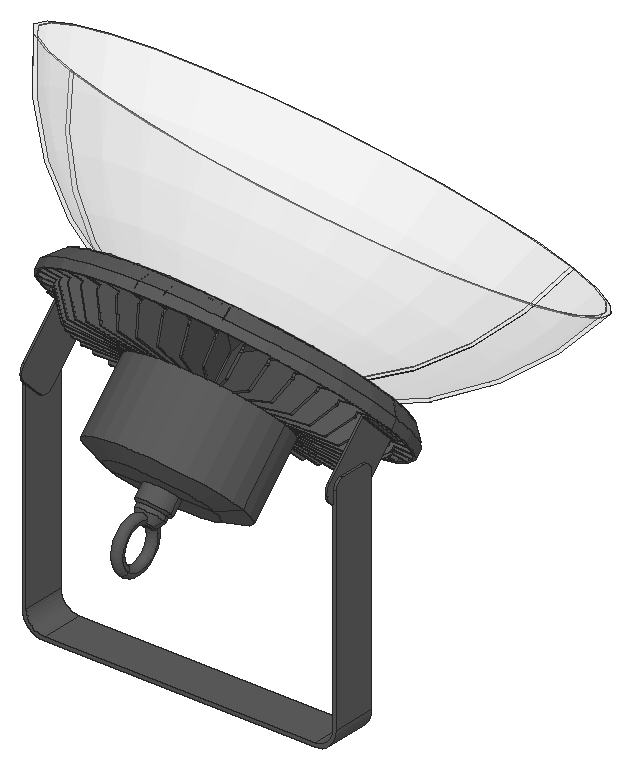
Revit family "0039347+0039353+0039358 Feilo Sylvania Lighting Fixture START HIGHBAY 4K 13KLM WIDE with BRACKET and PC LAMPSHADE TRANSPARENT", category Lighting Fixtures, host Face, Revit 2017 (continued)
Definition of nested family "Start LED Highbay Head"
  Dimensions and locks
    "RHRadius2_FEILO": plane 3 "Center (Left/Right)" to plane 32
    "RHHeight3_FEILO": plane 31 to plane 33
    "RHHeight4_FEILO": plane 33 to plane 34
    "RHRadius3_FEILO": plane 3 "Center (Left/Right)" to plane 35
    "RHHeight1_FEILO": plane 28 to plane 30
    "EyeInner_FEILO": plane 34 to plane 36
    "EyeInner_FEILO": plane 36 to plane 37
    equal spacing: plane 38, plane 3 "Center (Left/Right)", plane 39
    "EyeThickness_FEILO": plane 38 to plane 39
    "EyeThickness_FEILO": plane 37 to plane 40
    equal spacing: plane 37, plane 41, plane 40
    equal spacing: plane 6, plane 42, plane 18
    "ThicknessBracket_FEILO": plane 45 to plane 6
    "ThicknessBracket_FEILO": plane 8 to plane 44
    locked: plane 43 to plane 18 at 1
    equal spacing: plane 24, plane 46, plane 26
    equal spacing: plane 47, plane 1 "Center (Front/Back)", plane 48
    "WidthBracket_FEILO": plane 47 to plane 48
    "WidthRingChamfer_FEILO": plane 50 to plane 49
    "ThicknessWall_FEILO": plane 51 to plane 49
    equal spacing: plane 50, plane 52, plane 51
    "ThicknessBracket_FEILO": plane 54 to plane 50
    locked: plane 53 to plane 51 at 1
    "Radius_FEILO": plane 49 to plane 3 "Center (Left/Right)"
    "ShadeRadiusOut_FEILO": plane 3 "Center (Left/Right)" to plane 55
    "ShadeHeight_FEILO": plane 56 to plane 4
    "ShadeRadiusIn_FEILO": plane 3 "Center (Left/Right)" to plane 57
    locked: plane 58 to plane 57 at 8
    "ShadeThickness_FEILO": plane 60 to plane 4
    "ShadeThickness_FEILO": plane 59 to plane 55
    "EyeThicknessHalf_FEILO": radius of curve 8
    "ThicknessBracket_FEILO": radius of Extrusion 7 sketch curve  (x2)
    "ThicknessBracketHalf_FEILO": radius of Extrusion 7 sketch curve  (x2)
    "ShadeRadiusBend_FEILO": radius of curve 9
    aligned and locked: plane 2 to Extrusion 1
    aligned and locked: level to Extrusion 1
    aligned and locked: plane 5 to curve 1
    aligned and locked: plane 6 to curve 1
    aligned and locked: plane 7 to curve 1
    aligned and locked: plane 10 to curve 2
    aligned and locked: plane 9 to curve 3
    aligned and locked: plane 4 to curve 3
    aligned and locked: plane 11 to curve 3
    aligned and locked: plane 4 to curve 4
    aligned and locked: plane 18 to curve 5
    aligned and locked: plane 10 to curve 5
    aligned and locked: Revolve 2 sketch curve to plane 3 "Center (Left/Right)"
    aligned and locked: Revolve 2 sketch curve to curve 3
    aligned and locked: Revolve 2 sketch curve to curve 1
    aligned and locked: plane 4 to Revolve 2 sketch curve
    aligned and locked: plane 9 to Revolve 2 sketch curve
    aligned and locked: Revolve 2 sketch curve to plane 13
    aligned and locked: Revolve 2 sketch curve to plane 10
    aligned and locked: plane 13 to Revolve 2 sketch curve
    aligned and locked: plane 10 to Revolve 2 sketch curve
    aligned and locked: Revolve 2 sketch curve to plane 18
    aligned and locked: Revolve 2 sketch curve to plane 8
    aligned and locked: plane 5 to Revolve 2 sketch curve  (x2)
    aligned and locked: Revolve 3 sketch curve to plane 3 "Center (Left/Right)"
    aligned and locked: plane 11 to Revolve 3 sketch curve
    aligned and locked: Revolve 3 sketch curve to curve 2
    aligned and locked: plane 15 to Revolve 3 sketch curve
    aligned and locked: Revolve 3 sketch curve to plane 16
    aligned and locked: plane 17 to Revolve 3 sketch curve  (x2)
    aligned and locked: Revolve 3 sketch curve to plane 12
    aligned and locked: plane 7 to Revolve 3 sketch curve
    aligned and locked: Revolve 4 sketch curve to plane 3 "Center (Left/Right)"
    aligned and locked: Revolve 4 sketch curve to plane 14
    aligned and locked: plane 3 "Center (Left/Right)" to Revolve 4 sketch curve
    aligned and locked: Revolve 4 sketch curve to plane 12
    aligned and locked: plane 15 to Revolve 4 sketch curve
    aligned and locked: Revolve 2 sketch curve to curve 5
    aligned and locked: plane 22 to curve 6
    aligned and locked: plane 21 to curve 6
    aligned and locked: plane 20 to curve 6
    aligned and locked: plane 19 to curve 6
    aligned and locked: plane 33 to curve 7
    aligned and locked: plane 32 to curve 7
    aligned and locked: plane 35 to curve 7
    aligned and locked: plane 34 to curve 7
    aligned and locked: Revolve 5 sketch curve to plane 3 "Center (Left/Right)"
    aligned and locked: Revolve 5 sketch curve to plane 25
    aligned and locked: plane 27 to Revolve 5 sketch curve
    aligned and locked: plane 28 to Revolve 5 sketch curve
    aligned and locked: plane 30 to Revolve 5 sketch curve
    aligned and locked: Revolve 5 sketch curve to plane 29
    aligned and locked: plane 31 to Revolve 5 sketch curve
    aligned and locked: Revolve 5 sketch curve to curve 7
    aligned and locked: Revolve 5 sketch curve to plane 32
    aligned and locked: plane 34 to Revolve 5 sketch curve
    aligned and locked: plane 3 "Center (Left/Right)" to Revolve 5 sketch curve
    aligned and locked: plane 3 "Center (Left/Right)" to curve 8
    aligned and locked: plane 41 to curve 8
    aligned and locked: Revolve 6 sketch curve to plane 36
    aligned and locked: Revolve 6 sketch curve to curve 8
    aligned and locked: plane 43 to Extrusion 7 sketch curve  (x2)
    aligned and locked: plane 8 to Extrusion 7 sketch curve  (x3)
    aligned and locked: Extrusion 7 sketch curve to plane 45
    aligned and locked: Extrusion 7 sketch curve to plane 46  (x2)
    aligned and locked: plane 6 to Extrusion 7 sketch curve
    aligned and locked: Extrusion 7 sketch curve to plane 44  (x2)
    aligned and locked: Extrusion 7 to plane 48
    aligned and locked: plane 47 to Extrusion 7
    aligned and locked: plane 53 to Extrusion 7 sketch curve
    aligned and locked: plane 50 to Extrusion 7 sketch curve
    aligned and locked: Extrusion 7 sketch curve to plane 54
    aligned and locked: Extrusion 8 sketch curve to Extrusion 8 sketch curve
    aligned and locked: Extrusion 8 to plane 6
    aligned and locked: Extrusion 8 to Extrusion 7
    aligned and locked: Revolve 5 sketch curve to plane 22
    aligned and locked: plane 23 to nested 1
    aligned and locked: plane 1 "Center (Front/Back)" to nested 1
    aligned and locked: Revolve 9 sketch curve to plane 3 "Center (Left/Right)"
    aligned and locked: Revolve 9 sketch curve to plane 4
    aligned and locked: plane 6 to Revolve 9 sketch curve
    aligned and locked: plane 4 to Revolve 9 sketch curve
    aligned and locked: plane 7 to Revolve 9 sketch curve
    aligned and locked: Revolve 9 sketch curve to plane 5
    aligned and locked: plane 8 to Revolve 9 sketch curve  (x2)
    aligned and locked: Revolve 9 sketch curve to plane 19
    aligned and locked: plane 20 to Revolve 9 sketch curve
    aligned and locked: plane 19 to Revolve 9 sketch curve
    aligned and locked: plane 21 to Revolve 9 sketch curve
    aligned and locked: plane 22 to Revolve 9 sketch curve  (x2)
    aligned and locked: Revolve 9 sketch curve to Revolve 9 sketch curve
    aligned and locked: imposter light to plane 4
    aligned and locked: plane 3 "Center (Left/Right)" to imposter light
    aligned and locked: imposter light to plane 1 "Center (Front/Back)"
    aligned and locked: plane 55 to curve 9
    aligned and locked: plane 56 to curve 9
    aligned and locked: plane 57 to curve 9
    aligned and locked: plane 4 to curve 9
    aligned and locked: Revolve 10 sketch curve to curve 9
    aligned and locked: plane 58 to Revolve 10 sketch curve
    aligned and locked: plane 57 to Revolve 10 sketch curve
    aligned and locked: plane 56 to Revolve 10 sketch curve  (x2)
    aligned and locked: Revolve 10 sketch curve to plane 58
    aligned and locked: plane 60 to Revolve 10 sketch curve
  Automatic sketch dimensions
    Extrusion 1 sketch curve to Extrusion 1 sketch curve = 2438.4 mm  (x2)
    Revolve 2 sketch curve to plane 6 = 0.299 mm
    plane 6 to Revolve 2 sketch curve = 0.459 mm
    Revolve 2 sketch curve to level = 609.6 mm
    Revolve 2 sketch curve to Revolve 2 sketch curve = 2312.223 mm
    Revolve 3 sketch curve to plane 12 = 0 mm
    Revolve 3 sketch curve to plane 3 "Center (Left/Right)" = 0 mm
    Revolve 3 sketch curve to level = 609.6 mm
    Revolve 3 sketch curve to plane 4 = 2339.058 mm
    Revolve 4 sketch curve to level = 609.6 mm
    Revolve 4 sketch curve to plane 4 = 2339.058 mm
    Revolve 6 sketch curve to plane 5 = 1080 mm
    plane 38 to Revolve 6 sketch curve = 1219.2 mm
    Extrusion 8 sketch curve to plane 47 = 0 mm
    plane 46 to Extrusion 8 sketch curve = 0 mm  (x2)
    Extrusion 8 sketch curve to plane 48 = 0 mm
    plane 47 to Extrusion 8 sketch curve = 5 mm
    plane 1 "Center (Front/Back)" to Extrusion 8 sketch curve = 10 mm
    Extrusion 8 sketch curve to Extrusion 8 sketch curve = 10 mm
    plane 46 to Extrusion 8 sketch curve = 5 mm
    Extrusion 8 sketch curve to Extrusion 8 sketch curve = 5 mm
    Extrusion 8 sketch curve to plane 48 = 5 mm
    Revolve 5 sketch curve to plane 26 = 0 mm
    Revolve 5 sketch curve to plane 35 = 0.437 mm
    plane 35 to Revolve 5 sketch curve = 0.847 mm
    Revolve 5 sketch curve to plane 34 = 0.726 mm
    plane 40 to Revolve 5 sketch curve = 590.2 mm
    Revolve 5 sketch curve to plane 4 = 2339.058 mm
    Revolve 9 sketch curve to level = 609.6 mm
    Revolve 9 sketch curve to Revolve 9 sketch curve = 2386.058 mm
    curve 2 to plane 3 "Center (Left/Right)" = 0 mm
    Revolve 10 sketch curve to Revolve 10 sketch curve = 0 mm  (x2)
    Revolve 10 sketch curve to plane 3 "Center (Left/Right)" = 0 mm
    plane 57 to Revolve 10 sketch curve = 0.659 mm
    Revolve 10 sketch curve to level = 609.6 mm
    Revolve 10 sketch curve to Revolve 10 sketch curve = 2068.248 mm
  Nested families
    nested 1: "Start Highbay Rib" at (0, 0, 67.775), type "Type Name", detail levels medium+fine
      with SuspensionHeight_FEILO 2.6 mm
    nested 2: "Start Highbay Rib" at (0, 0, 67.775) x (0.9877, 0.1564, 0) z (0, 0, 1), type "Type Name", detail levels medium+fine
      with SuspensionHeight_FEILO 2.6 mm
    nested 3: "Start Highbay Rib" at (0, 0, 67.775) x (0.9511, 0.309, 0) z (0, 0, 1), type "Type Name", detail levels medium+fine
      with SuspensionHeight_FEILO 2.6 mm
    nested 4: "Start Highbay Rib" at (0, 0, 67.775) x (0.891, 0.454, 0) z (0, 0, 1), type "Type Name", detail levels medium+fine
      with SuspensionHeight_FEILO 2.6 mm
    nested 5: "Start Highbay Rib" at (0, 0, 67.775) x (0.809, 0.5878, 0) z (0, 0, 1), type "Type Name", detail levels medium+fine
      with SuspensionHeight_FEILO 2.6 mm
    nested 6: "Start Highbay Rib" at (0, 0, 67.775) x (0.7071, 0.7071, 0) z (0, 0, 1), type "Type Name", detail levels medium+fine
      with SuspensionHeight_FEILO 2.6 mm
    nested 7: "Start Highbay Rib" at (0, 0, 67.775) x (0.5878, 0.809, 0) z (0, 0, 1), type "Type Name", detail levels medium+fine
      with SuspensionHeight_FEILO 2.6 mm
    nested 8: "Start Highbay Rib" at (0, 0, 67.775) x (0.454, 0.891, 0) z (0, 0, 1), type "Type Name", detail levels medium+fine
      with SuspensionHeight_FEILO 2.6 mm
    nested 9: "Start Highbay Rib" at (0, 0, 67.775) x (0.309, 0.9511, 0) z (0, 0, 1), type "Type Name", detail levels medium+fine
      with SuspensionHeight_FEILO 2.6 mm
    nested 10: "Start Highbay Rib" at (0, 0, 67.775) x (0.1564, 0.9877, 0) z (0, 0, 1), type "Type Name", detail levels medium+fine
      with SuspensionHeight_FEILO 2.6 mm
    nested 11: "Start Highbay Rib" at (0, 0, 67.775) x (0, 1, 0) z (0, 0, 1), type "Type Name", detail levels medium+fine
      with SuspensionHeight_FEILO 2.6 mm
    nested 12: "Start Highbay Rib" at (0, 0, 67.775) x (-0.1564, 0.9877, 0) z (0, 0, 1), type "Type Name", detail levels medium+fine
      with SuspensionHeight_FEILO 2.6 mm
    nested 13: "Start Highbay Rib" at (0, 0, 67.775) x (-0.309, 0.9511, 0) z (0, 0, 1), type "Type Name", detail levels medium+fine
      with SuspensionHeight_FEILO 2.6 mm
    nested 14: "Start Highbay Rib" at (0, 0, 67.775) x (-0.454, 0.891, 0) z (0, 0, 1), type "Type Name", detail levels medium+fine
      with SuspensionHeight_FEILO 2.6 mm
    nested 15: "Start Highbay Rib" at (0, 0, 67.775) x (-0.5878, 0.809, 0) z (0, 0, 1), type "Type Name", detail levels medium+fine
      with SuspensionHeight_FEILO 2.6 mm
    nested 16: "Start Highbay Rib" at (0, 0, 67.775) x (-0.7071, 0.7071, 0) z (0, 0, 1), type "Type Name", detail levels medium+fine
      with SuspensionHeight_FEILO 2.6 mm
    nested 17: "Start Highbay Rib" at (0, 0, 67.775) x (-0.809, 0.5878, 0) z (0, 0, 1), type "Type Name", detail levels medium+fine
      with SuspensionHeight_FEILO 2.6 mm
    nested 18: "Start Highbay Rib" at (0, 0, 67.775) x (-0.891, 0.454, 0) z (0, 0, 1), type "Type Name", detail levels medium+fine
      with SuspensionHeight_FEILO 2.6 mm
    nested 19: "Start Highbay Rib" at (0, 0, 67.775) x (-0.9511, 0.309, 0) z (0, 0, 1), type "Type Name", detail levels medium+fine
      with SuspensionHeight_FEILO 2.6 mm
    nested 20: "Start Highbay Rib" at (0, 0, 67.775) x (-0.9877, 0.1564, 0) z (0, 0, 1), type "Type Name", detail levels medium+fine
      with SuspensionHeight_FEILO 2.6 mm
    nested 21: "Start Highbay Rib" at (0, 0, 67.775) x (-1, 0, 0) z (0, 0, 1), type "Type Name", detail levels medium+fine
      with SuspensionHeight_FEILO 2.6 mm
    nested 22: "Start Highbay Rib" at (0, 0, 67.775) x (-0.9877, -0.1564, 0) z (0, 0, 1), type "Type Name", detail levels medium+fine
      with SuspensionHeight_FEILO 2.6 mm
    nested 23: "Start Highbay Rib" at (0, 0, 67.775) x (-0.9511, -0.309, 0) z (0, 0, 1), type "Type Name", detail levels medium+fine
      with SuspensionHeight_FEILO 2.6 mm
    nested 24: "Start Highbay Rib" at (0, 0, 67.775) x (-0.891, -0.454, 0) z (0, 0, 1), type "Type Name", detail levels medium+fine
      with SuspensionHeight_FEILO 2.6 mm
    nested 25: "Start Highbay Rib" at (0, 0, 67.775) x (-0.809, -0.5878, 0) z (0, 0, 1), type "Type Name", detail levels medium+fine
      with SuspensionHeight_FEILO 2.6 mm
    nested 26: "Start Highbay Rib" at (0, 0, 67.775) x (-0.7071, -0.7071, 0) z (0, 0, 1), type "Type Name", detail levels medium+fine
      with SuspensionHeight_FEILO 2.6 mm
    nested 27: "Start Highbay Rib" at (0, 0, 67.775) x (-0.5878, -0.809, 0) z (0, 0, 1), type "Type Name", detail levels medium+fine
      with SuspensionHeight_FEILO 2.6 mm
    nested 28: "Start Highbay Rib" at (0, 0, 67.775) x (-0.454, -0.891, 0) z (0, 0, 1), type "Type Name", detail levels medium+fine
      with SuspensionHeight_FEILO 2.6 mm
    nested 29: "Start Highbay Rib" at (0, 0, 67.775) x (-0.309, -0.9511, 0) z (0, 0, 1), type "Type Name", detail levels medium+fine
      with SuspensionHeight_FEILO 2.6 mm
    nested 30: "Start Highbay Rib" at (0, 0, 67.775) x (-0.1564, -0.9877, 0) z (0, 0, 1), type "Type Name", detail levels medium+fine
      with SuspensionHeight_FEILO 2.6 mm
    nested 31: "Start Highbay Rib" at (0, 0, 67.775) x (0, -1, 0) z (0, 0, 1), type "Type Name", detail levels medium+fine
      with SuspensionHeight_FEILO 2.6 mm
    nested 32: "Start Highbay Rib" at (0, 0, 67.775) x (0.1564, -0.9877, 0) z (0, 0, 1), type "Type Name", detail levels medium+fine
      with SuspensionHeight_FEILO 2.6 mm
    nested 33: "Start Highbay Rib" at (0, 0, 67.775) x (0.309, -0.9511, 0) z (0, 0, 1), type "Type Name", detail levels medium+fine
      with SuspensionHeight_FEILO 2.6 mm
    nested 34: "Start Highbay Rib" at (0, 0, 67.775) x (0.454, -0.891, 0) z (0, 0, 1), type "Type Name", detail levels medium+fine
      with SuspensionHeight_FEILO 2.6 mm
    nested 35: "Start Highbay Rib" at (0, 0, 67.775) x (0.5878, -0.809, 0) z (0, 0, 1), type "Type Name", detail levels medium+fine
      with SuspensionHeight_FEILO 2.6 mm
    nested 36: "Start Highbay Rib" at (0, 0, 67.775) x (0.7071, -0.7071, 0) z (0, 0, 1), type "Type Name", detail levels medium+fine
      with SuspensionHeight_FEILO 2.6 mm
    nested 37: "Start Highbay Rib" at (0, 0, 67.775) x (0.809, -0.5878, 0) z (0, 0, 1), type "Type Name", detail levels medium+fine
      with SuspensionHeight_FEILO 2.6 mm
    nested 38: "Start Highbay Rib" at (0, 0, 67.775) x (0.891, -0.454, 0) z (0, 0, 1), type "Type Name", detail levels medium+fine
      with SuspensionHeight_FEILO 2.6 mm
    nested 39: "Start Highbay Rib" at (0, 0, 67.775) x (0.9511, -0.309, 0) z (0, 0, 1), type "Type Name", detail levels medium+fine
      with SuspensionHeight_FEILO 2.6 mm
    nested 40: "Start Highbay Rib" at (0, 0, 67.775) x (0.9877, -0.1564, 0) z (0, 0, 1), type "Type Name", detail levels medium+fine
      with SuspensionHeight_FEILO 2.6 mm
  Definition of nested family "Start Highbay Rib"
    Parameters (values of type "Type Name")
      WidthStraight_FEILO = if(SizeS_FEILO, 3 mm, if(SizeM_FEILO, 4 mm, 4.7 mm))  # 3 mm
      WidthRingChamfer_FEILO = if(SizeS_FEILO, 10.3 mm, if(SizeM_FEILO, 11.2 mm, 12.9 mm))  # 10.3 mm
      WidthCurved_FEILO = if(SizeS_FEILO, 17.4 mm, if(SizeM_FEILO, 16.4 mm, 26.2 mm))  # 17.4 mm
      WidthCurvedRing_FEILO = if(SizeS_FEILO, 3 mm, if(SizeM_FEILO, 4 mm, 4.7 mm))  # 3 mm
      WidthBracket_FEILO = 40 mm
      URL = "http://www.feilosylvania.com"
      Type Image = (empty or 0)
      Type Comments = "n/a"
      ThicknessWall_FEILO = 1.5 mm
      ThicknessBracket_FEILO = 1.5 mm
      ThicknessBracketHalf_FEILO = ThicknessBracket_FEILO / 2  # 0.75 mm
      SuspensionHeight_FEILO [instance] = 2.6 mm
      SizeS_FEILO = yes
      SizeM_FEILO = no
      Rib4_FEILO = if(SizeS_FEILO, 18.1 mm, if(SizeM_FEILO, 13.6 mm, 14.6 mm))  # 18.1 mm
      Rib3_FEILO = if(SizeS_FEILO, 15.3 mm, if(SizeM_FEILO, 17.6 mm, 20.2 mm))  # 15.3 mm
      Rib2_FEILO = if(SizeS_FEILO, 3.6 mm, if(SizeM_FEILO, 3.9 mm, 4.5 mm))  # 3.6 mm
      Rib1_FEILO = if(SizeS_FEILO, 15.1 mm, if(SizeM_FEILO, 16.5 mm, 19 mm))  # 15.1 mm
      RadiusRib_FEILO = 2 mm
      RadiusDiffuser_FEILO = if(SizeS_FEILO, 95.2 mm, if(SizeM_FEILO, 105.3 mm, 120 mm))  # 95.2 mm
      RHRadius3_FEILO = if(SizeS_FEILO, 6.6 mm, if(SizeM_FEILO, 7.4 mm, 8.6 mm))  # 6.6 mm
      RHRadius2_FEILO = if(SizeS_FEILO, 11 mm, if(SizeM_FEILO, 12 mm, 14 mm))  # 11 mm
      RHRadius1_FEILO = if(SizeS_FEILO, 13.6 mm, if(SizeM_FEILO, 14.9 mm, 17.7 mm))  # 13.6 mm
      RHHeight4_FEILO = if(SizeS_FEILO, 7.3 mm, if(SizeM_FEILO, 8 mm, 9.2 mm))  # 7.3 mm
      RHHeight3_FEILO = if(SizeS_FEILO, 3.6 mm, if(SizeM_FEILO, 3.7 mm, 4.6 mm))  # 3.6 mm
      RHHeight2_FEILO = if(SizeS_FEILO, 2 mm, if(SizeM_FEILO, 2.2 mm, 2.6 mm))  # 2 mm
      RHHeight1_FEILO = if(SizeS_FEILO, 11.8 mm, if(SizeM_FEILO, 15.3 mm, 17.4 mm))  # 11.8 mm
      Material_3_FEILO = none
      Model = ""
      Manufacturer = "Feilo Sylvania"
      Keynote = "16500"
      HeightRing_FEILO = if(SizeS_FEILO, 19.8 mm, if(SizeM_FEILO, 32 mm, 36.8 mm))  # 19.8 mm
      HeightRingChamfer_FEILO = if(SizeS_FEILO, 11.7 mm, if(SizeM_FEILO, 23.2 mm, 26.6 mm))  # 11.7 mm
      EyeThickness_FEILO = if(SizeS_FEILO, 8.4 mm, if(SizeM_FEILO, 9.2 mm, 10.5 mm))  # 8.4 mm
      EyeThicknessHalf_FEILO = EyeThickness_FEILO / 2  # 4.2 mm
      EyeInner_FEILO = if(SizeS_FEILO, 13.8 mm, if(SizeM_FEILO, 15.1 mm, 17.3 mm))  # 13.8 mm
      DriverVerticalStraight_FEILO = if(SizeS_FEILO, 46.5 mm, if(SizeM_FEILO, 49.7 mm, 57 mm))  # 46.5 mm
      DriverVerticalChamfer_FEILO = if(SizeS_FEILO, 7.5 mm, if(SizeM_FEILO, 8.2 mm, 9.5 mm))  # 7.5 mm
      DriverRadius_FEILO = if(SizeS_FEILO, 61.4 mm, if(SizeM_FEILO, 67.2 mm, 76.4 mm))  # 61.4 mm
      DriverRadiusTop_FEILO = if(SizeS_FEILO, 42 mm, if(SizeM_FEILO, 45.3 mm, 52.4 mm))  # 42 mm
      DriverBottom_FEILO = if(SizeS_FEILO, 56 mm, if(SizeM_FEILO, 64.5 mm, 74 mm))  # 56 mm
      Material_2_FEILO = none
      Radius_FEILO = if(SizeS_FEILO, 135 mm, if(SizeM_FEILO, 148 mm, 169.5 mm))  # 135 mm
      Description = ""
      Default Elevation = 1219.2 mm
      Cost = 0
      Material_1_FEILO = none
      Assembly Code = "D5020200"
      Material_4_FEILO = none
    Reference planes
      plane 1 "Center (Front/Back)": y = 0
      plane 2: z = 0
      plane 3 "Center (Left/Right)": x = 0
      plane 4: z = 2.6
      plane 5: x = -135
      plane 6: x = -124.7
      plane 7: z = -9.1
      plane 8: z = -17.2
      plane 9: x = -121.7
      plane 10: z = -0.025
      plane 11: x = -104.3
      plane 12: x = -95.2
      plane 13: x = -118.7
      plane 14: z = 0.975
      plane 15: z = -1.025
      plane 16: x = -92.2
      plane 17: z = -2.025
      plane 18: x = -133.5
      plane 19: x = -119.9
      plane 20: z = -20.8
      plane 21: x = -104.6
      plane 22: z = -38.9
      plane 23: x = -20
      plane 24: z = -53.4
      plane 25: x = -61.4
      plane 26: z = -99.9
      plane 27: x = -42
      plane 28: z = -107.4
      plane 29: x = -13.6
      plane 30: z = -119.2
      plane 31: z = -121.2
      plane 32: x = -11
      plane 33: z = -124.8
      plane 34: z = -132.1
      plane 35: x = -6.6
      plane 36: z = -145.9
      plane 37: z = -159.7
      plane 38: x = 4.2
      plane 39: x = -4.2
      plane 40: z = -168.1
      plane 41: z = -163.9
      plane 42: x = -129.1
      plane 43: x = -132.5
      plane 44: z = -18.7
      plane 45: x = -123.2
      plane 46: z = -76.65
      plane 47: y = -20
      plane 48: y = 20
      plane 49: x = 135
      plane 50: x = 124.7
      plane 51: x = 133.5
      plane 52: x = 129.1
      plane 53: x = 132.5
      plane 54: x = 123.2
      plane 55: y = 0.75
      plane 56: y = -0.75
    Forms (mm)
      Extrusion 1, solid
        sketch origin (4.2, 0, 0) x (1, 0, 0) y (0, 1, 0)
          loop
            line (-1219.2, 1219.2) -> (-1219.2, -1219.2) -> (1219.2, -1219.2) -> (1219.2, 1219.2) -> (-1219.2, 1219.2)
        from 0 to -68.017
      Extrusion 2, solid, material <- "Material_1_FEILO"
        sketch origin (0, 0, 0) x (1, 0, 0) y (0, 0, 1)
          loop
            arc (-104.3, -0.025) -> (-111.555, 0.423) -> (-118.7, 1.76) r 58.981
            line (-118.7, 1.76) -> (-118.7, -0.025) -> (-125.012, -0.025) -> (-133.5, -9.666) -> (-133.5, -17.2) -> (-119.9, -17.2) -> (-119.9, -20.068)
            arc (-119.9, -20.068) -> (-119.778, -20.755) -> (-119.427, -21.359) r 2
            line (-119.427, -21.359) -> (-104.966, -38.467)
            arc (-104.966, -38.467) -> (-104.381, -38.789) -> (-103.723, -38.9) r 2
            line (-103.723, -38.9) -> (-20, -38.9) -> (-20, -9.1) -> (-95.2, -9.1) -> (-95.2, -2.025) -> (-104.3, -2.025) -> (-104.3, -0.025)
        from -0.75 to 0.75
    Lines and regions (mm)
      reference lines
        curve 1: line (-135, 0, -9.1) -> (-124.7, 0, 2.6)
        curve 2: line (-104.3, 0, -0.025) -> (0, 0, -0.025)
        curve 3: arc (-104.3, 0, -0.025) -> (-113.098, 0, 0.635) -> (-121.7, 0, 2.6) r 58.981
        curve 4: line (-124.7, 0, 2.6) -> (-121.7, 0, 2.6)
        curve 5: line (-125.012, 0, -0.025) -> (-133.5, 0, -9.666)
        curve 6: line (-119.9, 0, -20.8) -> (-104.6, 0, -38.9)
    Dimensions and locks
      "Radius_FEILO": plane 3 "Center (Left/Right)" to plane 5
      "WidthRingChamfer_FEILO": plane 6 to plane 5
      "WidthStraight_FEILO": plane 9 to plane 6
      "WidthCurvedRing_FEILO": plane 13 to plane 9
      locked: plane 10 to plane 15 at 1
      locked: plane 14 to plane 10 at 1
      locked: plane 4 to plane 10 at 2.625
      locked: plane 15 to plane 17 at 1
      "ThicknessWall_FEILO": plane 18 to plane 5
      "ThicknessWall_FEILO": curve 5 to curve 1
      "HeightRingChamfer_FEILO": plane 4 to plane 7
      "HeightRing_FEILO": plane 4 to plane 8
      "RadiusDiffuser_FEILO": plane 3 "Center (Left/Right)" to plane 12
      locked: plane 16 to plane 12 at 3
      "WidthCurved_FEILO": plane 11 to plane 9
      "SuspensionHeight_FEILO": plane 4 to plane 2
      "Rib1_FEILO": plane 19 to plane 5
      "Rib2_FEILO": plane 8 to plane 20
      "Rib3_FEILO": plane 21 to plane 19
      "Rib4_FEILO": plane 20 to plane 22
      locked: plane 3 "Center (Left/Right)" to plane 23 at 20
      "DriverBottom_FEILO": plane 4 to plane 24
      "DriverRadius_FEILO": plane 3 "Center (Left/Right)" to plane 25
      "DriverVerticalStraight_FEILO": plane 24 to plane 26
      "DriverRadiusTop_FEILO": plane 3 "Center (Left/Right)" to plane 27
      "DriverVerticalChamfer_FEILO": plane 26 to plane 28
      "RHRadius1_FEILO": plane 3 "Center (Left/Right)" to plane 29
      "RHHeight2_FEILO": plane 30 to plane 31
      "RHRadius2_FEILO": plane 3 "Center (Left/Right)" to plane 32
      "RHHeight3_FEILO": plane 31 to plane 33
      "RHHeight4_FEILO": plane 33 to plane 34
      "RHRadius3_FEILO": plane 3 "Center (Left/Right)" to plane 35
      "RHHeight1_FEILO": plane 28 to plane 30
      "EyeInner_FEILO": plane 34 to plane 36
      "EyeInner_FEILO": plane 36 to plane 37
      equal spacing: plane 38, plane 3 "Center (Left/Right)", plane 39
      "EyeThickness_FEILO": plane 38 to plane 39
      "EyeThickness_FEILO": plane 37 to plane 40
      equal spacing: plane 37, plane 41, plane 40
      equal spacing: plane 6, plane 42, plane 18
      "ThicknessBracket_FEILO": plane 45 to plane 6
      "ThicknessBracket_FEILO": plane 8 to plane 44
      locked: plane 43 to plane 18 at 1
      equal spacing: plane 24, plane 46, plane 26
      equal spacing: plane 47, plane 1 "Center (Front/Back)", plane 48
      "WidthBracket_FEILO": plane 47 to plane 48
      "WidthRingChamfer_FEILO": plane 50 to plane 49
      "ThicknessWall_FEILO": plane 51 to plane 49
      equal spacing: plane 50, plane 52, plane 51
      "ThicknessBracket_FEILO": plane 54 to plane 50
      locked: plane 53 to plane 51 at 1
      "Radius_FEILO": plane 49 to plane 3 "Center (Left/Right)"
      equal spacing: plane 56, plane 1 "Center (Front/Back)", plane 55
      "ThicknessWall_FEILO": plane 56 to plane 55
      "RadiusRib_FEILO": radius of Extrusion 2 sketch curve  (x2)
      aligned and locked: plane 2 to Extrusion 1
      aligned and locked: level to Extrusion 1
      aligned and locked: plane 5 to curve 1
      aligned and locked: plane 6 to curve 1
      aligned and locked: plane 7 to curve 1
      aligned and locked: plane 10 to curve 2
      aligned and locked: plane 9 to curve 3
      aligned and locked: plane 4 to curve 3
      aligned and locked: plane 11 to curve 3
      aligned and locked: plane 4 to curve 4
      aligned and locked: plane 18 to curve 5
      aligned and locked: plane 10 to curve 5
      aligned and locked: plane 22 to curve 6
      aligned and locked: plane 21 to curve 6
      aligned and locked: plane 20 to curve 6
      aligned and locked: plane 19 to curve 6
      aligned and locked: Extrusion 2 sketch curve to plane 23
      aligned and locked: Extrusion 2 sketch curve to plane 22
      aligned and locked: Extrusion 2 sketch curve to curve 6
      aligned and locked: plane 19 to Extrusion 2 sketch curve
      aligned and locked: Extrusion 2 sketch curve to plane 8
      aligned and locked: Extrusion 2 sketch curve to curve 5
      aligned and locked: Extrusion 2 sketch curve to curve 3
      aligned and locked: Extrusion 2 to plane 55
      aligned and locked: plane 56 to Extrusion 2
      aligned and locked: curve 6 to Extrusion 2 sketch curve
    Automatic sketch dimensions
      Extrusion 1 sketch curve to Extrusion 1 sketch curve = 2438.4 mm  (x2)
      curve 2 to plane 3 "Center (Left/Right)" = 0 mm
      Extrusion 2 sketch curve to plane 18 = 0 mm
      Extrusion 2 sketch curve to plane 10 = 0 mm
      Extrusion 2 sketch curve to plane 13 = 0 mm
      Extrusion 2 sketch curve to plane 7 = 0 mm
      Extrusion 2 sketch curve to plane 12 = 0 mm
      Extrusion 2 sketch curve to plane 17 = 0 mm
      plane 19 to Extrusion 2 sketch curve = 0.473 mm
      Extrusion 2 sketch curve to plane 21 = 0.366 mm
